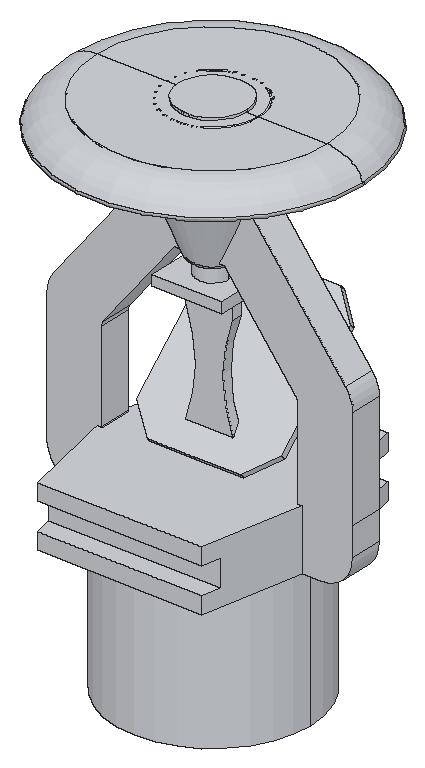
Revit family
Parameters (values of type "RASCO JL112 UPRIGHT")
  Temperature Rating = 165 °F
  Response = 1
  RASCO SIN # = "R7326"
  RASCO Part # = "JL112U1B"
  Pressure Rating = "175 PSI"
  Pressure Class = (empty or 0)
  Orifice Size = 3/4"
  Orifice = (empty or 0)
  Model = "JL112"
  Manufacturer = "RASCO"
  K-Factor = 11.2
  Description = "BRONZE FINISH"
  Coverage = (empty or 0)
Reference planes (in)
  plane 1 "Center (Front/Back)": y = 0
  plane 2: z = 0
  plane 3 "Center (Left/Right)": x = 0
Nested families (in)
  nested 1: "JL112U1B" at (0, 0, 0), type "RASCO JL112 UPRIGHT"
Connectors (in)
  piping at (0, 0, 0)
    settings: on nested 1, index 1, connector radius 1/2", flow factor 0, pipe flow 0 GPM, pressure drop 0.00 psi, fitting loss kfactor 0, connector angle 0.00°, fixture units 0, flow configuration 0, flow direction 0, fitting loss method 0, system type 7, connector reference index -1, connector utility 0, adjustable connector no, is connector primary yes, fitting loss table "", connector description ""
Definition of nested family "JL112U1B"
  Parameters (values of type "RASCO JL112 UPRIGHT")
    Type Comments = ""
    Temperature Rating = 0 °F
    Response = (empty or 0)
    Pressure Rating = "0"
    Pressure Class = (empty or 0)
    Orifice Size = 0"
    Orifice = (empty or 0)
    Model = ""
    Manufacturer = ""
    K-Factor = 0
    Description = ""
    Coverage = (empty or 0)
    Assembly Code = ""
  Reference planes (in)
    plane 1 "Center (Front/Back)": y = 0
    plane 2: z = 0
    plane 3 "REF.1": z = 0.773
    plane 4 "top": z = 2.8125
    plane 5: x = -0.81624
    plane 6: x = 0.81332
    plane 7 "ref.2": z = 2.098
    plane 8 "head": z = 2.6725
    plane 9 "left/right center": x = 0
    plane 10 "screw": z = 1.98251
    plane 11 "link2": through (0, -0.02489, 1.21079) normal (0, 0.6767, -0.7363)
  Forms (in)
    Extrusion 1, solid
      sketch origin (0, 0, 0) x (1, 0, 0) y (0, 1, 0)
        loop
          circle (0, 0) r 0.5221
      from 0 to 0.773
    Extrusion 2, solid
      sketch origin (0, 0, 0.773) x (-1, 0, 0) y (0, -1, 0)
        loop
          line (-0.43619, -0.62052) -> (0.4375, -0.62052) -> (0.56391, 0) -> (0.4375, 0.62052) -> (-0.43619, 0.62052) -> (-0.56259, 0) -> (-0.43619, -0.62052)
      from 0 to 0.325
    Extrusion 3, void
      sketch origin (0, 0, 0) x (1, 0, 0) y (0, 0, 1)
        loop
          line (-0.56391, 1.00774) -> (-0.56391, 0.86298) -> (0.56259, 0.86298) -> (0.56259, 1.00774) -> (-0.56391, 1.00774)
      from 0.52148 to 0.62052
    Extrusion 4, solid
      sketch origin (0, 0, 0) x (1, 0, 0) y (0, 0, 1)
        loop
          line (-0.5221, 0.773) -> (-0.5221, 1.098) -> (-0.5221, 1.58091)
          arc (-0.5221, 1.58091) -> (-0.5194, 1.59708) -> (-0.51161, 1.61149) r 0.04979
          line (-0.51161, 1.61149) -> (-0.13316, 2.098) -> (-0.00066, 2.098) -> (0.13184, 2.098) -> (0.5115, 1.61158)
          arc (0.5115, 1.61158) -> (0.51938, 1.59706) -> (0.5221, 1.58077) r 0.05007
          line (0.5221, 1.58077) -> (0.5221, 1.098) -> (0.5221, 0.773) -> (0.64763, 0.773)
          arc (0.64763, 0.773) -> (0.76676, 0.82234) -> (0.8161, 0.94147) r 0.16847
          line (0.8161, 0.94147) -> (0.8161, 1.098) -> (0.8161, 1.63725)
          arc (0.8161, 1.63725) -> (0.80631, 1.69579) -> (0.77801, 1.74796) r 0.17993
          line (0.77801, 1.74796) -> (0.18552, 2.50706) -> (-0.18743, 2.50706) -> (-0.77818, 1.74764)
          arc (-0.77818, 1.74764) -> (-0.80636, 1.69554) -> (-0.8161, 1.63712) r 0.18
          line (-0.8161, 1.63712) -> (-0.8161, 1.098) -> (-0.8161, 0.94094)
          arc (-0.8161, 0.94094) -> (-0.76691, 0.82219) -> (-0.64816, 0.773) r 0.16794
          line (-0.64816, 0.773) -> (-0.5221, 0.773)
      from -0.08649 to 0.08732
    Extrusion 5, void
      sketch origin (0.00728, 1.142, 0) x (1, 0, 0) y (0, 0, 1)
        loop
          line (-0.56391, 1.00774) -> (-0.56391, 0.86298) -> (0.56259, 0.86298) -> (0.56259, 1.00774) -> (-0.56391, 1.00774)
      from 0.52148 to 0.62052
    Revolve 6, solid
      sketch origin (0, 0, 0) x (1, 0, 0) y (0, 0, 1)
        loop
          line (-0.00066, 2.8125) -> (-0.24139, 2.8125)
          arc (-0.24139, 2.8125) -> (-0.25522, 2.80677) -> (-0.26095, 2.79293) r 0.01957
          line (-0.26095, 2.79293) -> (-0.26095, 2.42899)
          arc (-0.26095, 2.42899) -> (-0.25939, 2.41285) -> (-0.25476, 2.3973) r 0.08419
          line (-0.25476, 2.3973) -> (-0.12582, 2.07995)
          arc (-0.12582, 2.07995) -> (-0.11591, 2.06775) -> (-0.10088, 2.06316) r 0.02692
          line (-0.10088, 2.06316) -> (-0.00066, 2.06316) -> (-0.00066, 2.8125)
        axis (-0.00066, 2.8125) -> (-0.00066, 2.06316)
      angle from 0 to 360
    Revolve 7, solid
      sketch origin (0, 0, 0) x (1, 0, 0) y (0, 0, 1)
        loop
          line (-0.00095, 2.8125) -> (-0.61569, 2.8125)
          arc (-0.61569, 2.8125) -> (-0.72648, 2.78068) -> (-0.8035, 2.69491) r 0.20878
          arc (-0.8035, 2.69491) -> (-0.8027, 2.68003) -> (-0.78967, 2.67281) r 0.01538
          line (-0.78967, 2.67281) -> (-0.00095, 2.67281) -> (-0.00095, 2.8125)
        axis (-0.00095, 2.8125) -> (-0.00095, 2.67281)
      angle from 0 to 360
    Extrusion 8, solid
      sketch origin (0, 0, 2.8125) x (-1, 0, 0) y (0, -1, 0)
        loop
          circle (0.00095, 0) r 0.18173
      from 0 to 0.01153
    Extrusion 9, solid
      sketch origin (0, 0, 0) x (1, 0, 0) y (0, 0, 1)
        loop
          line (-0.00066, 1.098) -> (0.12634, 1.098) -> (0.12634, 1.25094)
          arc (0.12634, 1.25094) -> (0.07205, 1.52876) -> (0.12634, 1.80659) r 0.738
          line (0.12634, 1.80659) -> (0.12634, 1.9285) -> (-0.12716, 1.9285) -> (-0.12716, 1.80659)
          arc (-0.12716, 1.80659) -> (-0.07288, 1.52876) -> (-0.12716, 1.25094) r 0.73821
          line (-0.12716, 1.25094) -> (-0.12716, 1.098) -> (-0.00066, 1.098)
      from -0.02698 to 0.02489
    Extrusion 10, solid
      sketch origin (0, 0, 0) x (0, 0, -1) y (0, -1, 0)
        loop
          line (-1.92851, 0.17394) -> (-1.98251, 0.17394) -> (-1.98251, -0.23992)
          arc (-1.98251, -0.23992) -> (-1.96437, -0.3088) -> (-1.91467, -0.35983) r 0.13989
          line (-1.91467, -0.35983) -> (-1.70246, -0.48734)
          arc (-1.70246, -0.48734) -> (-1.69224, -0.50115) -> (-1.69478, -0.51815) r 0.02246
          line (-1.69478, -0.51815) -> (-1.72641, -0.57081) -> (-1.68013, -0.59862) -> (-1.63469, -0.52299)
          arc (-1.63469, -0.52299) -> (-1.62907, -0.4854) -> (-1.65167, -0.45485) r 0.04966
          line (-1.65167, -0.45485) -> (-1.89842, -0.30659)
          arc (-1.89842, -0.30659) -> (-1.92047, -0.28396) -> (-1.92851, -0.25341) r 0.06204
          line (-1.92851, -0.25341) -> (-1.92851, 0.17394)
      from -0.18664 to 0.18723
    Extrusion 11, solid
      sketch origin (0, 0, 1.98251) x (-1, 0, 0) y (0, -1, 0)
        loop
          circle (0, 0) r 0.087
      from 0 to 0.0806
    Extrusion 12, solid
      sketch origin (0, -0.61464, 0.66881) x (0, -0.736298, -0.676658) y (-1, 0, 0)
        loop
          line (-0.69009, 0.00066) -> (-0.69009, 0.24966) -> (-0.83009, 0.38966) -> (-1.45483, 0.38966) -> (-1.59483, 0.24966) -> (-1.59483, -0.24834) -> (-1.45483, -0.38834) -> (-0.83009, -0.38834) -> (-0.69009, -0.24834) -> (-0.69009, 0.00066)
      from -0.02887 to 0
  Cuts and joins
    Extrusion 3, Extrusion 5 cuts Extrusion 2
  Dimensions and locks (in)
    plane 4 "top" to level = 0' - 2 13/16"
